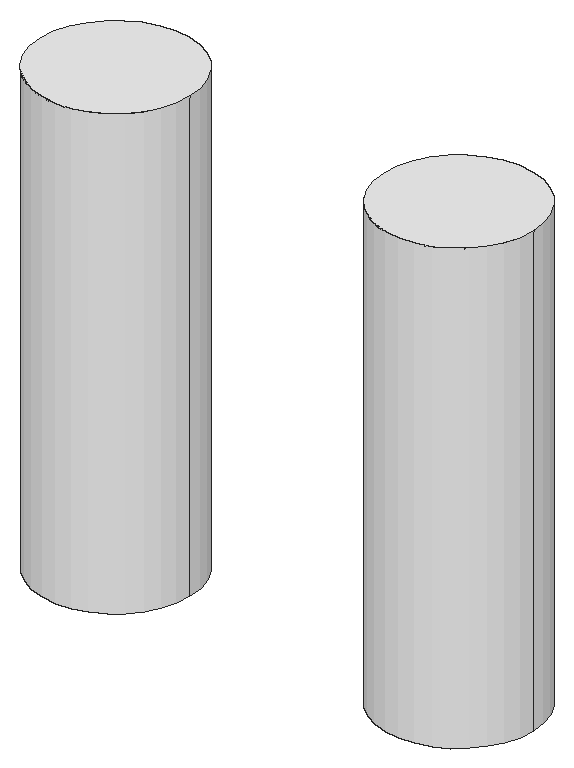
Revit family "55502203(2022)", category Plumbing Fixtures, Revit 2018
Family settings
  Round Connector Dimension = Use Diameter
  Part Type = Normal
  OmniClass Number = 23.45.55.00
  OmniClass Title = Sanitary Faucets, Wastes
  Work Plane-Based = No
  Always vertical = Yes
  Cut with Voids When Loaded = No
  Shared = No
  Room Calculation Point = No
Parameters (values of type "55502203 Washbasin faucet")
  Working Pressure = "50 - 1000 kPa"
  WarrantyStartDate [instance] = "n/a"
  WarrantyGuarantorParts = "n/a"
  WarrantyGuarantorLabor = "n/a"
  WarrantyDurationUnit = "Year"
  WarrantyDurationParts = "n/a"
  WarrantyDurationLabor = "n/a"
  WarrantyDescription = "http://warranty.hansa.com"
  Warranty Information URL = "http://warranty.hansa.com"
  VersionDate = "23/11/2022"
  Version = "1"
  ValvePattern = "n/a"
  ValveOperation = "n/a"
  ValveMechanism = "n/a"
  Uniclass2015Reference = "Pr_40_20_87_96"
  Uniclass2015Description = "Washbasin manual water supply sets"
  Uniclass2 = "Pr_40_30_96_96"
  URL UWL = "http://static.hansa.com/UWL/55502203"
  URL REACH = "http://static.hansa.com/doc/reach"
  URL Declaration of Conformity = "http://static.hansa.com/DoC/55502203"
  URL = ""
  UNSPSC Class Number = "30181700 Faucets or taps"
  Type Comments = ""
  TestPressure = "n/a"
  Technical DataSheet URL = "http://www.hansa.com/datasheet/55502203/en"
  TagNumber [instance] = "n/a"
  SustainabilityPerformance = "n/a"
  Surface treatment = "Chrome"
  Spout Type = "Fixed spout"
  Spout Projection = "112 mm"
  Size = "50x150x145 mm"
  Shape = "Sculptured"
  SerialNumber [instance] = "n/a"
  Sales Package dimensions (LxWxH) = "395 x 195 x 70"
  Revision = "n/a"
  ReplacementCost = "n/a"
  ProductInformation = "n/a"
  Product URL = "http://static.hansa.com/55502203"
  Product Image URL = "http://static.hansa.com/image/55502203"
  Product Family = "5160 XL"
  Product Code = "55502203"
  OperatingMechanismMaterial = "n/a"
  NominalWidth = 47.158 mm
  NominalHeight = 145.504 mm
  NominalDepth = 149.489 mm
  Noise Class = "I (ISO 3822)"
  Name_en = "55502203 Washbasin faucet"
  Name = "55502203 Washbasin faucet"
  NBSReference = "45-35-70/371"
  NBSDescription = "Water supply fittings for wash basins and troughs"
  Mounting Holes = "1 hole"
  ModelReference = "55502203"
  ModelNumber = "n/a"
  Model = "55502203 Washbasin faucet"
  Mobile Product Information URL = "http://mpi.hansa.com/55502203"
  Mechanical Parts = "ø 35 mm ceramic cartridge for flow and temperature control"
  Max. Hot Water Supply = 70 °C
  Material = "brassPlastic"
  Market = "International;Germany"
  ManufacturerURL = "http://www.hansa.com"
  ManufacturerName = "HANSA"
  Manufacturer = "HANSA"
  Lever Handle = "Hot/Cold symbols;Single operating lever/handle"
  Keynote = ""
  Interactive AR View URL = "https://static.hansa.com/AR/55502203"
  InstallationDate [instance] = "n/a"
  Installation Type = "Deck mounted"
  InletConnectionSize = 10 mm
  IfcExportType = "FAUCET"  # constant formula
  IfcExportAs = "IfcValveType"  # constant formula
  Group = "Washbasin faucet"
  Grade = "n/a"
  FlowCoefficient = 0
  Flow Rate At 300kPa With Flow Controller = 0.08 L/s
  Flow Drawing URL = "http://static.hansa.com/flowchart/55502203"
  Finish = "Polished"
  Features = "Single-lever"
  FaucetMainMaterial = Brass
  FDV Document URL = "http://www.hansa.com/datasheet/55502203/en/fdv"
  Extensions = "Pop-up waste with draw-rod"
  ExpectedLife = "n/a"
  ETIM Class Number = "EC011328 Washbasin mixing tap"
  EN Standard = "EN 817"
  EAN Number = "4057304019005"
  DurationUnit = "Year"
  Dimension Drawing URL = "http://static.hansa.com/dimdrw/55502203"
  Description = ""
  DefaultElevation [instance] = 900 mm
  Constituents = "n/a"
  Connection Size = "G3/8"
  Connection = "Flexible inlet pipes"
  Color = "Chrome"
  CodePerformance = "n/a"
  CloseOffRating = 0
  Catalog Drawing URL = "http://static.hansa.com/catdrw/55502203"
  Brand = "HANSA"
  BodyMaterial = "Brass"
  Barcode [instance] = "n/a"
  Backflow Prevention EN1717 = "AA"
  BIMObjectName = "55502203(2022)"
  Author = "BIMStone"
  AssetType = "Fixed"
  AssetIdentifier [instance] = "n/a"
  Aerator = "PCA® - constant flow rate regardless of pressure variations"
  Advanced Features = "Rapid installation system"
  AccessibilityPerformance = "n/a"
  3D View = "https://static.hansa.com/AR/55502203"
  2D/3D/BIM Files URL = "http://static.hansa.com/bim/55502203"
Reference planes
  plane 1 "Center (Front/Back)": y = 0
  plane 2: z = 0
  plane 3 "Center (Left/Right)": x = 0
  plane 4: x = -23.579
  plane 5: z = 900
  plane 6: z = 870
  plane 7: y = -149.489
  plane 8: x = 23.579
  plane 9: z = 1045.504
Forms (mm)
  Extrusion 1, solid, material "Brass" <- "FaucetMainMaterial"
    sketch origin (0, -2.393, 0) x (1, 0, 0) y (0, 1, 0)
      loop
        circle (-11.5, -22.5) r 5
      loop
        circle (11.5, -22.5) r 5
    from 870 to 900
Dimensions and locks
  "DefaultElevation": plane 5 to level
  locked: plane 5 to plane 6 at 30
  "NominalDepth": plane 7 to plane 1 "Center (Front/Back)"
  equal spacing: plane 4, plane 3 "Center (Left/Right)", plane 8
  "NominalHeight": plane 9 to plane 5
  "NominalWidth": plane 4 to plane 8
  "InletConnectionSize": diameter of Extrusion 1 sketch curve  (x2)
  aligned and locked: level to plane 2
  aligned and locked: plane 5 to Extrusion 1
  aligned and locked: Extrusion 1 to plane 6
  aligned and locked: plane 1 "Center (Front/Back)" to nested 2
  aligned and locked: plane 3 "Center (Left/Right)" to nested 2
  aligned and locked: plane 3 "Center (Left/Right)" to nested 1
  aligned and locked: plane 1 "Center (Front/Back)" to nested 1
  aligned and locked: plane 5 to nested 2
Automatic sketch dimensions
  Extrusion 1 sketch curve to plane 3 "Center (Left/Right)" = 11.5 mm
  plane 3 "Center (Left/Right)" to Extrusion 1 sketch curve = 11.5 mm
  plane 1 "Center (Front/Back)" to Extrusion 1 sketch curve = 24.893 mm  (x2)
Nested families
  nested 1: "Symbol" at (0, 0, 0), type "Symbol", detail levels coarse
  nested 2: "55502203_Body" at (0, 0, 900), Material <- "FaucetMainMaterial", type "55502203_Body"
    with Material Brass
Connectors
  piping at (-11.5, -24.893, 870), diameter 10, driven by "InletConnectionSize", driven by "Flow Rate At 300kPa With Flow Controller"
    settings: on Extrusion 1, index 1, connector inside diameter 609.6 mm, connector length 0 mm, flow factor 0, pipe flow 0.08 L/s, pressure drop 0.0 Pa, fitting loss kfactor 0, connector angle 0.00°, fixture units 0, engagement length 0 mm, angle of deflection 0.00°, flow configuration 1, flow direction 1, fitting loss method 0, system type 19, joint type 0, gender type 0, connector reference index -1, connector utility 0, adjustable connector no, is connector primary yes, connector description ""
  piping at (11.5, -24.893, 870), diameter 10, driven by "InletConnectionSize", driven by "Flow Rate At 300kPa With Flow Controller"
    settings: on Extrusion 1, index 2, connector inside diameter 609.6 mm, connector length 0 mm, flow factor 0, pipe flow 0.08 L/s, pressure drop 0.0 Pa, fitting loss kfactor 0, connector angle 0.00°, fixture units 0, engagement length 0 mm, angle of deflection 0.00°, flow configuration 1, flow direction 1, fitting loss method 0, system type 20, joint type 0, gender type 0, connector reference index -1, connector utility 0, adjustable connector no, is connector primary no, connector description ""
Definition of nested family "Symbol"
  Reference planes
    plane 1: y = 0
    plane 2: x = 0
  Lines and regions (mm)
    detail lines
      curve 1: line (0, 0, 0) -> (0, -1.8, 0)
      curve 2: line (-0.4, -1.1, 0) -> (0.4, -1.1, 0)
      curve 3: line (-0.4, -1.4, 0) -> (0.4, -1.4, 0)
      curve 4: line (0.863, 0, 0) -> (-0.863, 0, 0)
      curve 5: circle (-1.163, 0, 0) r 0.3 normal (0, 0, -1)
      curve 6: circle (1.163, 0, 0) r 0.3 normal (0, 0, 1)
